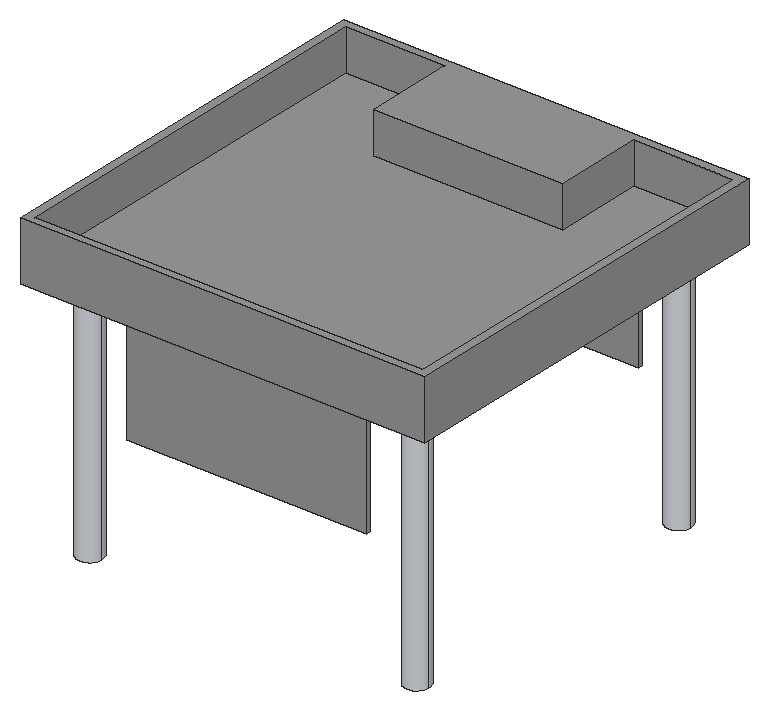
Revit family "Nivellierbare Kassette mit Schnurauslass, RKSN, 20", category Generic Models, Revit 2015
Parameters (values of type "RKSN2 4 MS 20")
  Width = 199 mm
  URL = "http://www.obo-bettermann.com"
  Material = Brass, Soft Yellow, Welded
  Manufacturer Art.No. = "7409202"
  Manufacturer = "OBO Bettermann"
  Length = 199 mm
  HeightCalc = if(Height < 105 mm, 105 mm, (if(Height > 150 mm, 150 mm, Height)))  # 150 mm
  Height 1 = 29 mm
  Height = 150 mm
  GTIN = "4012195867104"
  Cut depth = 20 mm
  Article Type = "RKSN2 4 MS 20"
Types (3, lengths in mm): name | Material | Manufacturer Art.No. | GTIN | Article Type
  (no name) | Brass, Soft Yellow, Welded | "7409202" | "4012195867104" | "RKSN2 4 MS 20"
  RKSN2 4 VS 20 | Stainless Steel, Polished | "7409208" | "4012195867128" | "RKSN2 4 VS 20"
  RKSN2 4 MS 20 | Brass, Soft Yellow, Welded | "7409202" | "4012195867104" | "RKSN2 4 MS 20"
Reference planes
  plane 1 "Center (Front/Back)": y = 0
  plane 2: z = 0
  plane 3 "Center (Left/Right)": x = 0
  plane 4: z = 121
  plane 5: y = 99.5
  plane 6: y = -99.5
  plane 7: z = 150
  plane 8: z = 60
  plane 9: z = 130
Forms (mm)
  Extrusion 1, solid
    sketch origin (0, 0, 0) x (1, 0, 0) y (0, 1, 0)
      loop
        circle (-80.5, -80.5) r 6
      loop
        circle (-80.5, 80.5) r 6
      loop
        circle (80.5, 80.5) r 6
      loop
        circle (80.5, -80.5) r 6
    from 0 to 121
  Extrusion 2, solid, material "Brass, Soft Yellow, Welded" <- "Material"
    sketch origin (0, 0, 0) x (1, 0, 0) y (0, 0, 1)
      loop
        line (-99.5, 150) -> (-99.5, 121) -> (99.5, 121) -> (99.5, 150) -> (-99.5, 150)
    from -99.5 to 99.5
  Extrusion 3, solid, material "Brass, Soft Yellow, Welded" <- "Material"
    sketch origin (0, 0, 0) x (1, 0, 0) y (0, 1, 0)
      loop
        line (-59, 84.5) -> (-59, 82.5) -> (59, 82.5) -> (59, 84.5) -> (-59, 84.5)
      loop
        line (-59, -82.5) -> (-59, -84.5) -> (59, -84.5) -> (59, -82.5) -> (-59, -82.5)
    from 60 to 121
  Extrusion 4, void
    sketch origin (0, 0, 0) x (1, 0, 0) y (0, 1, 0)
      loop
        line (-95.5, 95.5) -> (-95.5, -95.5) -> (95.5, -95.5) -> (95.5, 95.5) -> (46.5, 95.5) -> (46.5, 51.5) -> (-46.5, 51.5) -> (-46.5, 95.5) -> (-95.5, 95.5)
    from 130 to 150
Cuts and joins
  Extrusion 4 cuts Extrusion 1
  Extrusion 4 cuts Extrusion 2
  Extrusion 4 cuts Extrusion 3
Dimensions and locks
  locked: Extrusion 1 sketch curve to plane 1 "Center (Front/Back)" at 74.5  (x2)
  locked: Extrusion 1 sketch curve to plane 3 "Center (Left/Right)" at 80.5  (x2)
  locked: plane 1 "Center (Front/Back)" to Extrusion 1 sketch curve at 74.5  (x2)
  locked: plane 3 "Center (Left/Right)" to Extrusion 1 sketch curve at 80.5  (x2)
  "Width": Extrusion 2 sketch curve to Extrusion 2 sketch curve
  locked: plane 3 "Center (Left/Right)" to Extrusion 2 sketch curve at 99.5
  locked: Extrusion 2 sketch curve to Extrusion 2 sketch curve at 29
  "HeightCalc": plane 7 to level
  "Height 1": plane 7 to plane 4
  locked: Extrusion 3 sketch curve to Extrusion 3 sketch curve at 118  (x2)
  equal spacing: Extrusion 3 sketch curve, plane 3 "Center (Left/Right)", Extrusion 3 sketch curve, locked at 59 each  (x2)
  locked: Extrusion 3 sketch curve to Extrusion 2 at 15  (x2)
  locked: Extrusion 3 sketch curve to Extrusion 3 sketch curve at 2  (x2)
  locked: plane 4 to plane 8 at 61
  "Cut depth": plane 7 to plane 9
  "Length": plane 5 to plane 6
  equal spacing: plane 5, plane 1 "Center (Front/Back)", plane 6, locked at 99.5 each
  locked: Extrusion 4 sketch curve to Extrusion 4 sketch curve at 191  (x2)
  equal spacing: Extrusion 4 sketch curve, plane 1 "Center (Front/Back)", Extrusion 4 sketch curve, locked at 95.5 each
  equal spacing: Extrusion 4 sketch curve, plane 3 "Center (Left/Right)", Extrusion 4 sketch curve, locked at 95.5 each
  locked: Extrusion 4 sketch curve to Extrusion 4 sketch curve at 93
  equal spacing: Extrusion 4 sketch curve, plane 3 "Center (Left/Right)", Extrusion 4 sketch curve, locked at 46.5 each
  locked: Extrusion 4 sketch curve to Extrusion 4 sketch curve at 44
  diameter of Extrusion 1 sketch curve = 12 mm  (x3)
  aligned and locked: level to plane 2
  aligned and locked: plane 4 to Extrusion 1
  aligned and locked: plane 4 to Extrusion 2 sketch curve
  aligned and locked: plane 6 to Extrusion 2
  aligned and locked: Extrusion 2 to plane 5
  aligned and locked: plane 7 to Extrusion 2
  aligned and locked: Extrusion 1 to Extrusion 3
  aligned and locked: Extrusion 3 to plane 8
  aligned and locked: Extrusion 4 sketch curve to Extrusion 4 sketch curve
  aligned and locked: cut or joined group of Extrusion 2, Extrusion 4 to Extrusion 4
  aligned and locked: Extrusion 4 to plane 9
Automatic sketch dimensions
  Extrusion 1 sketch curve to plane 6 = 19 mm
